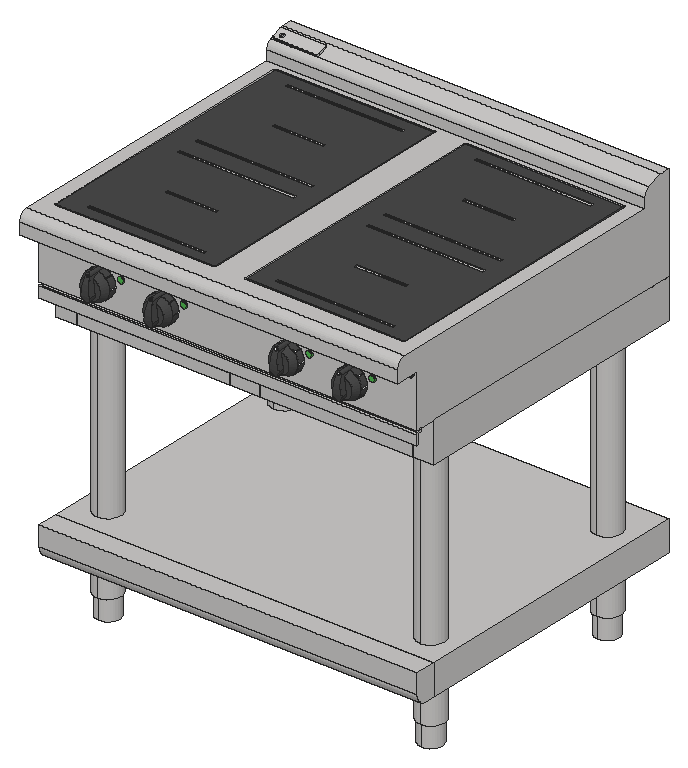
Revit family "QF_Moffat_INL8400R5-LS_Induction Cooktop_cat", category Specialty Equipment, Revit 2019
Family settings
  Round Connector Dimension = Use Diameter
  Part Type = Normal
  Work Plane-Based = No
  Always vertical = Yes
  Cut with Voids When Loaded = No
  Shared = No
  Room Calculation Point = No
Parameters (values of type "INL8400R5-LS_415/60/3")
  Weight in Kilograms = 105
  Watts = 20000 W
  Volts = 415 V
  URL Cutsheet = ""
  Specification by User = ""
  Specification by Manufacturer = ""
  Show Logo [instance] = yes
  Serial Number = ""
  Seismic Rating = ""
  SMACNA No = ""
  Revision Code = ""
  Phase = 3
  Number of Poles = 1
  NAFEM Spec ID Number = ""
  Model = "INL8400R5-LS"
  Min Ckt Ampacity = 0 A
  Max Overcurrent Protection = 0 A
  Masterspec = ""
  Manufacturer = "Moffat"
  Length = 900 mm
  Item Number = ""
  Installed By = ""
  Identify Quantity as Lot = yes
  Height = 970 mm
  HP = ""
  Furnished By = ""
  Foodservice Equipment Identifier = yes
  FL Amps = 28 A
  Electrical Remarks = ""
  Electric Connection Type = ""
  Elec Conn RI Height = 0 mm
  Elec Conn Connection Height = 0 mm
  Description = "Induction Cooktop"
  Depth = 805 mm
  Cycle = 60 Hz
  Conn Plug = ""
  Conn Conduit = yes
  CSI MasterFormat = ""
  Apparent Power = if(Phase = 3, Volts * FL Amps * 1.73, Volts * FL Amps)  # 20102.6 VA
Reference planes
  plane 1 "BACK": y = 0
  plane 2: z = 0
  plane 3 "LEFT": x = 0
  plane 4 "RIGHT": x = 900
  plane 5 "FRONT": y = -805
  plane 6 "TOP": z = 970
  plane 7 "Center Y": x = 450
  plane 8 "Center X": y = -402.5
  plane 9: x = 65.5
  plane 10: x = 834.5
  plane 11: y = -30
  plane 12: z = 150
  plane 13: y = -100
  plane 14: y = -625
  plane 15: y = -70
  plane 16: z = 915
  plane 17: x = 770
Forms (mm)
  Extrusion 1, solid, material "QF_Metal_Stainless_Polished"
    sketch origin (0, 0, 560) x (0, 1, 0) y (0, 0, 1)
      loop
        line (0, 180) -> (0, 410) -> (-24.305, 410) -> (-57.632, 395.853)
        arc (-57.632, 395.853) -> (-66.628, 388.372) -> (-70, 377.167) r 20.3
        line (-70, 377.167) -> (-70, 355) -> (-784.417, 355)
        arc (-784.417, 355) -> (-798.971, 348.971) -> (-805, 334.417) r 20.583
        line (-805, 334.417) -> (-805, 305) -> (-749, 305) -> (-749, 180) -> (0, 180)
    from 0 to 900
  Extrusion 2, void
    sketch origin (0, -784.171, 915) x (0, 1, 0) y (-1, 0, 0)
      loop
        arc (699.341, -37.323) -> (697.584, -33.08) -> (693.341, -31.323) r 6
        line (693.341, -31.323) -> (45.245, -31.323)
        arc (45.245, -31.323) -> (41.002, -33.08) -> (39.245, -37.323) r 6
        line (39.245, -37.323) -> (39.245, -410.105)
        arc (39.245, -410.105) -> (41.002, -414.347) -> (45.245, -416.105) r 6
        line (45.245, -416.105) -> (693.341, -416.105)
        arc (693.341, -416.105) -> (697.584, -414.347) -> (699.341, -410.105) r 6
        line (699.341, -410.105) -> (699.341, -37.323)
      loop
        line (699.341, -862.677) -> (699.341, -489.895)
        arc (699.341, -489.895) -> (697.584, -485.653) -> (693.341, -483.895) r 6
        line (693.341, -483.895) -> (45.245, -483.895)
        arc (45.245, -483.895) -> (41.002, -485.653) -> (39.245, -489.895) r 6
        line (39.245, -489.895) -> (39.245, -862.677)
        arc (39.245, -862.677) -> (41.002, -866.92) -> (45.245, -868.677) r 6
        line (45.245, -868.677) -> (693.341, -868.677)
        arc (693.341, -868.677) -> (697.584, -866.92) -> (699.341, -862.677) r 6
    from 0 to -9.5
  Extrusion 3, solid, material "QF_Plastic_Black_Smooth"
    sketch origin (0, -784.171, 915) x (0, 1, 0) y (-1, 0, 0)
      loop
        line (695.341, -410.105) -> (695.341, -37.323)
        arc (695.341, -37.323) -> (694.755, -35.908) -> (693.341, -35.323) r 2
        line (693.341, -35.323) -> (45.245, -35.323)
        arc (45.245, -35.323) -> (43.831, -35.908) -> (43.245, -37.323) r 2
        line (43.245, -37.323) -> (43.245, -410.105)
        arc (43.245, -410.105) -> (43.831, -411.519) -> (45.245, -412.105) r 2
        line (45.245, -412.105) -> (693.341, -412.105)
        arc (693.341, -412.105) -> (694.755, -411.519) -> (695.341, -410.105) r 2
      loop
        line (667.194, -86.598) -> (661.194, -86.598) -> (661.194, -363.75) -> (667.194, -363.75) -> (667.194, -86.598)
      loop
        line (526.611, -163.924) -> (526.611, -283.924) -> (532.611, -283.924) -> (532.611, -163.924) -> (526.611, -163.924)
      loop
        line (398.444, -86.598) -> (392.444, -86.598) -> (392.444, -363.75) -> (398.444, -363.75) -> (398.444, -86.598)
      loop
        line (345.944, -86.598) -> (339.944, -86.598) -> (339.944, -363.75) -> (345.944, -363.75) -> (345.944, -86.598)
      loop
        line (206.611, -163.924) -> (206.611, -283.924) -> (212.611, -283.924) -> (212.611, -163.924) -> (206.611, -163.924)
      loop
        line (77.194, -86.598) -> (71.194, -86.598) -> (71.194, -363.75) -> (77.194, -363.75) -> (77.194, -86.598)
      loop
        arc (695.341, -489.895) -> (694.755, -488.481) -> (693.341, -487.895) r 2
        line (693.341, -487.895) -> (45.245, -487.895)
        arc (45.245, -487.895) -> (43.831, -488.481) -> (43.245, -489.895) r 2
        line (43.245, -489.895) -> (43.245, -862.677)
        arc (43.245, -862.677) -> (43.831, -864.092) -> (45.245, -864.677) r 2
        line (45.245, -864.677) -> (693.341, -864.677)
        arc (693.341, -864.677) -> (694.755, -864.092) -> (695.341, -862.677) r 2
        line (695.341, -862.677) -> (695.341, -489.895)
      loop
        line (667.194, -813.402) -> (667.194, -536.25) -> (661.194, -536.25) -> (661.194, -813.402) -> (667.194, -813.402)
      loop
        line (526.611, -736.076) -> (532.611, -736.076) -> (532.611, -616.076) -> (526.611, -616.076) -> (526.611, -736.076)
      loop
        line (398.444, -813.402) -> (398.444, -536.25) -> (392.444, -536.25) -> (392.444, -813.402) -> (398.444, -813.402)
      loop
        line (345.944, -813.402) -> (345.944, -536.25) -> (339.944, -536.25) -> (339.944, -813.402) -> (345.944, -813.402)
      loop
        line (206.611, -736.076) -> (212.611, -736.076) -> (212.611, -616.076) -> (206.611, -616.076) -> (206.611, -736.076)
      loop
        line (77.194, -813.402) -> (77.194, -536.25) -> (71.194, -536.25) -> (71.194, -813.402) -> (77.194, -813.402)
    from 0 to -9.5
  Extrusion 4, solid, material "QF_Metal_Stainless_Polished"
    sketch origin (0, 0, 600) x (0, 1, 0) y (0, 0, 1)
      loop
        line (-739.467, 140) -> (-738.192, 134.838)
        arc (-738.192, 134.838) -> (-738.307, 134.302) -> (-738.799, 134.063) r 0.625
        line (-738.799, 134.063) -> (-746.111, 134.063)
        arc (-746.111, 134.063) -> (-748.011, 133.276) -> (-748.797, 131.377) r 2.686
        line (-748.797, 131.377) -> (-748.797, 107.627) -> (-747.197, 107.627) -> (-747.197, 131.242)
        arc (-747.197, 131.242) -> (-746.84, 132.105) -> (-745.976, 132.463) r 1.221
        line (-745.976, 132.463) -> (-738.755, 132.463)
        arc (-738.755, 132.463) -> (-737.028, 133.304) -> (-736.625, 135.182) r 2.194
        line (-736.625, 135.182) -> (-737.815, 140) -> (-739.467, 140)
    from 0 to 900
  Extrusion 5, solid, material "QF_Plastic_Black_Smooth"
    sketch origin (0, -749, 741.875) x (0, 0, 1) y (-1, 0, 0)
      loop
        circle (112.843, -13.157) r 5
      loop
        circle (112.843, -886.843) r 5
    from 0 to 1.6
  Extrusion 6, solid, material "QF_Metal_Stainless_Polished"
    sketch origin (450, -699, 645) x (0, 1, 0) y (1, 0, 0)
      loop
        circle (669, 320) r 6.35
    from 0 to 10
  Extrusion 7, solid, material "QF_Metal_Stainless_Polished"
    sketch origin (0, -699, 645) x (1, 0, 0) y (0, -1, 0)
      loop
        line (0, -699) -> (900, -699) -> (900, 0) -> (849.2, 0) -> (849.2, -25.4) -> (485.8, -25.4) -> (485.8, 0) -> (414.2, 0) -> (414.2, -25.4) -> (50.8, -25.4) -> (50.8, 0) -> (0, 0) -> (0, -699)
    from 0 to -95
  Extrusion 8, solid, material "QF_Metal_Stainless_Polished"
    sketch origin (50.8, -30, 645) x (0, 1, 0) y (0, 0, 1)
      loop
        line (-669, 0) -> (-643.6, 0) -> (-643.6, 26.45) -> (-669, 26.45) -> (-669, 0)
      loop
        line (-669, 32.45) -> (-643.6, 32.45) -> (-643.6, 66.4) -> (-669, 66.4) -> (-669, 32.45)
      loop
        line (-669, 67.4) -> (-643.6, 67.4) -> (-643.6, 95) -> (-669, 95) -> (-669, 67.4)
    from 0 to 363.4
  Extrusion 9, solid, material "QF_Metal_Stainless_Polished"
    sketch origin (900, 0, 560) x (-1, 0, 0) y (0, -1, 0)
      loop
        line (536.25, 122.976) -> (536.25, 116.976) -> (813.402, 116.976) -> (813.402, 122.976) -> (536.25, 122.976)
      loop
        line (736.076, 251.56) -> (736.076, 257.56) -> (616.076, 257.56) -> (616.076, 251.56) -> (736.076, 251.56)
      loop
        line (813.402, 385.726) -> (813.402, 391.726) -> (536.25, 391.726) -> (536.25, 385.726) -> (813.402, 385.726)
      loop
        line (813.402, 438.226) -> (813.402, 444.226) -> (536.25, 444.226) -> (536.25, 438.226) -> (813.402, 438.226)
      loop
        line (736.076, 571.56) -> (736.076, 577.56) -> (616.076, 577.56) -> (616.076, 571.56) -> (736.076, 571.56)
      loop
        line (536.25, 712.976) -> (536.25, 706.976) -> (813.402, 706.976) -> (813.402, 712.976) -> (536.25, 712.976)
      loop
        line (363.75, 122.976) -> (86.598, 122.976) -> (86.598, 116.976) -> (363.75, 116.976) -> (363.75, 122.976)
      loop
        line (163.924, 251.56) -> (283.924, 251.56) -> (283.924, 257.56) -> (163.924, 257.56) -> (163.924, 251.56)
      loop
        line (86.598, 385.726) -> (363.75, 385.726) -> (363.75, 391.726) -> (86.598, 391.726) -> (86.598, 385.726)
      loop
        line (86.598, 438.226) -> (363.75, 438.226) -> (363.75, 444.226) -> (86.598, 444.226) -> (86.598, 438.226)
      loop
        line (163.924, 571.56) -> (283.924, 571.56) -> (283.924, 577.56) -> (163.924, 577.56) -> (163.924, 571.56)
      loop
        line (363.75, 712.976) -> (86.598, 712.976) -> (86.598, 706.976) -> (363.75, 706.976) -> (363.75, 712.976)
    from 355 to 345.5
  Extrusion 10, solid, material "QF_Paint_Green"
    sketch origin (63.231, -748.999, 713.75) x (0, 0, 1) y (-1, 0, 0)
      loop
        circle (100.3, -282.5) r 7.15
    from 0 to 1.6
  Extrusion 11, solid, material "QF_Plastic_Black_Smooth"
    sketch origin (75, -748.999, 725.625) x (0, 0, 1) y (-1, 0, 0)
      loop
        circle (112.843, -225) r 5
    from 0 to 1.6
  Extrusion 12, solid, material "QF_Paint_Green"
    sketch origin (-86.769, -748.999, 713.75) x (0, 0, 1) y (-1, 0, 0)
      loop
        circle (100.3, -282.5) r 7.15
    from 0 to 1.6
  Extrusion 13, solid, material "QF_Plastic_Black_Smooth"
    sketch origin (-75, -748.999, 725.625) x (0, 0, 1) y (-1, 0, 0)
      loop
        circle (112.843, -225) r 5
    from 0 to 1.6
  Extrusion 14, solid, material "QF_Paint_Green"
    sketch origin (511.981, -748.999, 713.75) x (0, 0, 1) y (-1, 0, 0)
      loop
        circle (100.3, -282.5) r 7.15
    from 0 to 1.6
  Extrusion 15, solid, material "QF_Plastic_Black_Smooth"
    sketch origin (523.75, -748.999, 725.625) x (0, 0, 1) y (-1, 0, 0)
      loop
        circle (112.843, -225) r 5
    from 0 to 1.6
  Extrusion 16, solid, material "QF_Paint_Green"
    sketch origin (361.981, -748.999, 713.75) x (0, 0, 1) y (-1, 0, 0)
      loop
        circle (100.3, -282.5) r 7.15
    from 0 to 1.6
  Extrusion 17, solid, material "QF_Plastic_Black_Smooth"
    sketch origin (373.75, -748.999, 725.625) x (0, 0, 1) y (-1, 0, 0)
      loop
        circle (112.843, -225) r 5
    from 0 to 1.6
  Extrusion 18, solid, material "QF_Metal_Stainless_Polished"
    sketch origin (849.2, -30, 645) x (0, 1, 0) y (0, 0, -1)
      loop
        line (-669, 0) -> (-669, -26.45) -> (-643.6, -26.45) -> (-643.6, 0) -> (-669, 0)
      loop
        line (-669, -32.45) -> (-669, -66.4) -> (-643.6, -66.4) -> (-643.6, -32.45) -> (-669, -32.45)
      loop
        line (-669, -67.4) -> (-669, -95) -> (-643.6, -95) -> (-643.6, -67.4) -> (-669, -67.4)
    from 0 to 363.4
Cuts and joins
  Extrusion 2 cuts Extrusion 1
Lines and regions (mm)
  symbolic lines
    curve 1: line (0, 0, 0) -> (900, 0, 0)
    curve 2: line (0, -805, 0) -> (0, 0, 0)
    curve 3: line (900, -805, 0) -> (0, -805, 0)
    curve 4: line (900, 0, 0) -> (900, -805, 0)
    curve 5: line (0, -18.182, 0) -> (900, -18.182, 0)
    curve 6: line (0, -70, 0) -> (450, -70, 0)
    curve 7: line (37.323, -84.83, 0) -> (410.105, -84.83, 0)
    curve 8: arc (410.105, -84.83, 0) -> (414.347, -86.587, 0) -> (416.105, -90.83, 0) r 6
    curve 9: line (416.105, -90.83, 0) -> (416.105, -738.926, 0)
    curve 10: arc (416.105, -738.926, 0) -> (414.347, -743.168, 0) -> (410.105, -744.926, 0) r 6
    curve 11: line (410.105, -744.926, 0) -> (37.323, -744.926, 0)
    curve 12: arc (37.323, -744.926, 0) -> (33.08, -743.168, 0) -> (31.323, -738.926, 0) r 6
    curve 13: line (31.323, -738.926, 0) -> (31.323, -90.83, 0)
    curve 14: arc (31.323, -90.83, 0) -> (33.08, -86.587, 0) -> (37.323, -84.83, 0) r 6
    curve 15: line (410.105, -88.83, 0) -> (37.323, -88.83, 0)
    curve 16: arc (37.323, -88.83, 0) -> (35.908, -89.415, 0) -> (35.323, -90.83, 0) r 2
    curve 17: line (35.323, -90.83, 0) -> (35.323, -738.926, 0)
    curve 18: arc (35.323, -738.926, 0) -> (35.908, -740.34, 0) -> (37.323, -740.926, 0) r 2
    curve 19: line (37.323, -740.926, 0) -> (410.105, -740.926, 0)
    curve 20: arc (410.105, -740.926, 0) -> (411.519, -740.34, 0) -> (412.105, -738.926, 0) r 2
    curve 21: line (412.105, -738.926, 0) -> (412.105, -90.83, 0)
    curve 22: arc (412.105, -90.83, 0) -> (411.519, -89.415, 0) -> (410.105, -88.83, 0) r 2
    curve 23: line (416.105, -738.926, 0) -> (416.105, -90.83, 0)
    curve 24: line (412.105, -90.83, 0) -> (412.105, -738.926, 0)
    curve 25: line (862.677, -84.83, 0) -> (489.895, -84.83, 0)
    curve 26: arc (489.895, -84.83, 0) -> (485.653, -86.587, 0) -> (483.895, -90.83, 0) r 6
    curve 27: arc (483.895, -738.926, 0) -> (485.653, -743.168, 0) -> (489.895, -744.926, 0) r 6
    curve 28: line (489.895, -744.926, 0) -> (862.677, -744.926, 0)
    curve 29: arc (862.677, -744.926, 0) -> (866.92, -743.168, 0) -> (868.677, -738.926, 0) r 6
    curve 30: line (868.677, -738.926, 0) -> (868.677, -90.83, 0)
    curve 31: arc (868.677, -90.83, 0) -> (866.92, -86.587, 0) -> (862.677, -84.83, 0) r 6
    curve 32: line (489.895, -88.83, 0) -> (862.677, -88.83, 0)
    curve 33: arc (862.677, -88.83, 0) -> (864.092, -89.415, 0) -> (864.677, -90.83, 0) r 2
    curve 34: line (864.677, -90.83, 0) -> (864.677, -738.926, 0)
    curve 35: arc (864.677, -738.926, 0) -> (864.092, -740.34, 0) -> (862.677, -740.926, 0) r 2
    curve 36: line (862.677, -740.926, 0) -> (489.895, -740.926, 0)
    curve 37: arc (489.895, -740.926, 0) -> (488.481, -740.34, 0) -> (487.895, -738.926, 0) r 2
    curve 38: arc (487.895, -90.83, 0) -> (488.481, -89.415, 0) -> (489.895, -88.83, 0) r 2
    curve 39: line (487.895, -90.83, 0) -> (487.895, -738.926, 0)
    curve 40: arc (487.895, -738.926, 0) -> (488.481, -740.34, 0) -> (489.895, -740.926, 0) r 2
    curve 41: line (489.895, -740.926, 0) -> (862.677, -740.926, 0)
    curve 42: arc (862.677, -740.926, 0) -> (864.092, -740.34, 0) -> (864.677, -738.926, 0) r 2
    curve 43: line (864.677, -738.926, 0) -> (864.677, -90.83, 0)
    curve 44: arc (864.677, -90.83, 0) -> (864.092, -89.415, 0) -> (862.677, -88.83, 0) r 2
    curve 45: line (862.677, -88.83, 0) -> (489.895, -88.83, 0)
    curve 46: arc (489.895, -88.83, 0) -> (488.481, -89.415, 0) -> (487.895, -90.83, 0) r 2
    curve 47: line (483.895, -90.83, 0) -> (483.895, -738.926, 0)
    curve 48: arc (483.895, -738.926, 0) -> (485.653, -743.168, 0) -> (489.895, -744.926, 0) r 6
    curve 49: line (489.895, -744.926, 0) -> (862.677, -744.926, 0)
    curve 50: arc (862.677, -744.926, 0) -> (866.92, -743.168, 0) -> (868.677, -738.926, 0) r 6
    curve 51: line (868.677, -738.926, 0) -> (868.677, -90.83, 0)
    curve 52: arc (868.677, -90.83, 0) -> (866.92, -86.587, 0) -> (862.677, -84.83, 0) r 6
    curve 53: line (862.677, -84.83, 0) -> (489.895, -84.83, 0)
    curve 54: arc (489.895, -84.83, 0) -> (485.653, -86.587, 0) -> (483.895, -90.83, 0) r 6
    curve 55: line (86.598, -122.976, 0) -> (363.75, -122.976, 0)
    curve 56: line (363.75, -122.976, 0) -> (363.75, -116.976, 0)
    curve 57: line (363.75, -116.976, 0) -> (86.598, -116.976, 0)
    curve 58: line (86.598, -116.976, 0) -> (86.598, -122.976, 0)
    curve 59: line (283.924, -251.56, 0) -> (163.924, -251.56, 0)
    curve 60: line (163.924, -251.56, 0) -> (163.924, -257.56, 0)
    curve 61: line (163.924, -257.56, 0) -> (283.924, -257.56, 0)
    curve 62: line (283.924, -257.56, 0) -> (283.924, -251.56, 0)
    curve 63: line (536.25, -122.976, 0) -> (813.402, -122.976, 0)
    curve 64: line (813.402, -122.976, 0) -> (813.402, -116.976, 0)
    curve 65: line (813.402, -116.976, 0) -> (536.25, -116.976, 0)
    curve 66: line (536.25, -116.976, 0) -> (536.25, -122.976, 0)
    curve 67: line (736.076, -251.56, 0) -> (616.076, -251.56, 0)
    curve 68: line (616.076, -251.56, 0) -> (616.076, -257.56, 0)
    curve 69: line (616.076, -257.56, 0) -> (736.076, -257.56, 0)
    curve 70: line (736.076, -257.56, 0) -> (736.076, -251.56, 0)
    curve 71: line (736.076, -571.56, 0) -> (616.076, -571.56, 0)
    curve 72: line (616.076, -571.56, 0) -> (616.076, -577.56, 0)
    curve 73: line (616.076, -577.56, 0) -> (736.076, -577.56, 0)
    curve 74: line (736.076, -577.56, 0) -> (736.076, -571.56, 0)
    curve 75: line (813.402, -706.976, 0) -> (536.25, -706.976, 0)
    curve 76: line (536.25, -706.976, 0) -> (536.25, -712.976, 0)
    curve 77: line (536.25, -712.976, 0) -> (813.402, -712.976, 0)
    curve 78: line (813.402, -712.976, 0) -> (813.402, -706.976, 0)
    curve 79: line (86.598, -712.976, 0) -> (363.75, -712.976, 0)
    curve 80: line (363.75, -712.976, 0) -> (363.75, -706.976, 0)
    curve 81: line (363.75, -706.976, 0) -> (86.598, -706.976, 0)
    curve 82: line (86.598, -706.976, 0) -> (86.598, -712.976, 0)
    curve 83: line (283.924, -577.56, 0) -> (163.924, -577.56, 0)
    curve 84: line (163.924, -577.56, 0) -> (163.924, -571.56, 0)
    curve 85: line (163.924, -571.56, 0) -> (283.924, -571.56, 0)
    curve 86: line (283.924, -571.56, 0) -> (283.924, -577.56, 0)
    curve 87: line (86.598, -444.226, 0) -> (363.75, -444.226, 0)
    curve 88: line (363.75, -444.226, 0) -> (363.75, -438.226, 0)
    curve 89: line (363.75, -438.226, 0) -> (86.598, -438.226, 0)
    curve 90: line (86.598, -438.226, 0) -> (86.598, -444.226, 0)
    curve 91: line (86.598, -391.726, 0) -> (363.75, -391.726, 0)
    curve 92: line (363.75, -391.726, 0) -> (363.75, -385.726, 0)
    curve 93: line (363.75, -385.726, 0) -> (86.598, -385.726, 0)
    curve 94: line (86.598, -385.726, 0) -> (86.598, -391.726, 0)
    curve 95: line (0, 0, 560) -> (900, 0, 560)
    curve 96: line (0, -805, 560) -> (0, 0, 560)
    curve 97: line (900, -805, 560) -> (0, -805, 560)
    curve 98: line (900, 0, 560) -> (900, -805, 560)
    curve 99: line (0, -18.182, 560) -> (900, -18.182, 560)
    curve 100: line (0, -70, 560) -> (450, -70, 560)
    curve 101: line (416.105, -90.83, 560) -> (416.105, -738.926, 560)
    curve 102: line (412.105, -738.926, 560) -> (412.105, -90.83, 560)
    curve 103: line (416.105, -738.926, 560) -> (416.105, -90.83, 560)
    curve 104: line (412.105, -90.83, 560) -> (412.105, -738.926, 560)
    curve 105: line (862.677, -84.83, 560) -> (489.895, -84.83, 560)
    curve 106: arc (483.895, -738.926, 560) -> (485.653, -743.168, 560) -> (489.895, -744.926, 560) r 6
    curve 107: line (489.895, -744.926, 560) -> (862.677, -744.926, 560)
    curve 108: arc (862.677, -744.926, 560) -> (866.92, -743.168, 560) -> (868.677, -738.926, 560) r 6
    curve 109: arc (864.677, -738.926, 560) -> (864.092, -740.34, 560) -> (862.677, -740.926, 560) r 2
    curve 110: line (862.677, -740.926, 560) -> (489.895, -740.926, 560)
    curve 111: arc (489.895, -740.926, 560) -> (488.481, -740.34, 560) -> (487.895, -738.926, 560) r 2
    curve 112: arc (487.895, -738.926, 560) -> (488.481, -740.34, 560) -> (489.895, -740.926, 560) r 2
    curve 113: line (489.895, -740.926, 560) -> (862.677, -740.926, 560)
    curve 114: arc (862.677, -740.926, 560) -> (864.092, -740.34, 560) -> (864.677, -738.926, 560) r 2
    curve 115: arc (483.895, -738.926, 560) -> (485.653, -743.168, 560) -> (489.895, -744.926, 560) r 6
    curve 116: line (489.895, -744.926, 560) -> (862.677, -744.926, 560)
    curve 117: arc (862.677, -744.926, 560) -> (866.92, -743.168, 560) -> (868.677, -738.926, 560) r 6
    curve 118: line (86.598, -122.976, 560) -> (363.75, -122.976, 560)
    curve 119: line (363.75, -122.976, 560) -> (363.75, -116.976, 560)
    curve 120: line (363.75, -116.976, 560) -> (86.598, -116.976, 560)
    curve 121: line (86.598, -116.976, 560) -> (86.598, -122.976, 560)
    curve 122: line (283.924, -251.56, 560) -> (163.924, -251.56, 560)
    curve 123: line (163.924, -251.56, 560) -> (163.924, -257.56, 560)
    curve 124: line (163.924, -257.56, 560) -> (283.924, -257.56, 560)
    curve 125: line (283.924, -257.56, 560) -> (283.924, -251.56, 560)
    curve 126: line (536.25, -122.976, 560) -> (813.402, -122.976, 560)
    curve 127: line (813.402, -122.976, 560) -> (813.402, -116.976, 560)
    curve 128: line (813.402, -116.976, 560) -> (536.25, -116.976, 560)
    curve 129: line (536.25, -116.976, 560) -> (536.25, -122.976, 560)
    curve 130: line (736.076, -251.56, 560) -> (616.076, -251.56, 560)
    curve 131: line (616.076, -251.56, 560) -> (616.076, -257.56, 560)
    curve 132: line (616.076, -257.56, 560) -> (736.076, -257.56, 560)
    curve 133: line (736.076, -257.56, 560) -> (736.076, -251.56, 560)
    curve 134: line (736.076, -571.56, 560) -> (616.076, -571.56, 560)
    curve 135: line (616.076, -571.56, 560) -> (616.076, -577.56, 560)
    curve 136: line (616.076, -577.56, 560) -> (736.076, -577.56, 560)
    curve 137: line (736.076, -577.56, 560) -> (736.076, -571.56, 560)
    curve 138: line (813.402, -706.976, 560) -> (536.25, -706.976, 560)
    curve 139: line (536.25, -706.976, 560) -> (536.25, -712.976, 560)
    curve 140: line (536.25, -712.976, 560) -> (813.402, -712.976, 560)
    curve 141: line (813.402, -712.976, 560) -> (813.402, -706.976, 560)
    curve 142: line (86.598, -712.976, 560) -> (363.75, -712.976, 560)
    curve 143: line (363.75, -712.976, 560) -> (363.75, -706.976, 560)
    curve 144: line (363.75, -706.976, 560) -> (86.598, -706.976, 560)
    curve 145: line (86.598, -706.976, 560) -> (86.598, -712.976, 560)
    curve 146: line (283.924, -577.56, 560) -> (163.924, -577.56, 560)
    curve 147: line (163.924, -577.56, 560) -> (163.924, -571.56, 560)
    curve 148: line (163.924, -571.56, 560) -> (283.924, -571.56, 560)
    curve 149: line (283.924, -571.56, 560) -> (283.924, -577.56, 560)
    curve 150: line (86.598, -444.226, 560) -> (363.75, -444.226, 560)
    curve 151: line (363.75, -444.226, 560) -> (363.75, -438.226, 560)
    curve 152: line (363.75, -438.226, 560) -> (86.598, -438.226, 560)
    curve 153: line (86.598, -438.226, 560) -> (86.598, -444.226, 560)
    curve 154: line (86.598, -391.726, 560) -> (363.75, -391.726, 560)
    curve 155: line (363.75, -391.726, 560) -> (363.75, -385.726, 560)
    curve 156: line (363.75, -385.726, 560) -> (86.598, -385.726, 560)
    curve 157: line (86.598, -385.726, 560) -> (86.598, -391.726, 560)
    curve 158: line (536.25, -444.226, 560) -> (813.402, -444.226, 560)
    curve 159: line (813.402, -444.226, 560) -> (813.402, -438.226, 560)
    curve 160: line (813.402, -438.226, 560) -> (536.25, -438.226, 560)
    curve 161: line (536.25, -438.226, 560) -> (536.25, -444.226, 560)
    curve 162: line (536.25, -391.726, 560) -> (813.402, -391.726, 560)
    curve 163: line (813.402, -391.726, 560) -> (813.402, -385.726, 560)
    curve 164: line (813.402, -385.726, 560) -> (536.25, -385.726, 560)
    curve 165: line (536.25, -385.726, 560) -> (536.25, -391.726, 560)
Dimensions and locks
  equal spacing: plane 3 "LEFT", plane 7 "Center Y", plane 4 "RIGHT"
  "Length": plane 3 "LEFT" to plane 4 "RIGHT"
  equal spacing: plane 5 "FRONT", plane 8 "Center X", plane 1 "BACK"
  "Depth": plane 5 "FRONT" to plane 1 "BACK"
  "Height": plane 6 "TOP" to level
  plane 9 to plane 10 = 769 mm
  plane 4 "RIGHT" to plane 3 "LEFT" = 900 mm
  plane 6 "TOP" to plane 2 = 970 mm
  plane 1 "BACK" to plane 11 = 30 mm
  plane 1 "BACK" to plane 13 to plane 14 = 100 mm, 525 mm
  plane 1 "BACK" to plane 15 = 70 mm
  plane 16 to level = 915 mm  (x2)
  level to plane 12 = 150 mm
  plane 12 to level = 150 mm
  plane 4 "RIGHT" to plane 17 = 130 mm
  plane 1 "BACK" to plane 5 "FRONT" = 805 mm
  locked: plane 10 to plane 4 "RIGHT" at 65.5
  aligned and locked: level to plane 2
  aligned and locked: plane 7 "Center Y" to nested 1
  aligned and locked: plane 8 "Center X" to nested 1
  aligned and locked: Extrusion 18 to Extrusion 7  (x2)
Automatic sketch dimensions
  Extrusion 2 sketch curve to Extrusion 1 = 39.492 mm  (x2)
  Extrusion 2 sketch curve to Extrusion 2 sketch curve = 6 mm  (x6)
  Extrusion 1 to Extrusion 2 sketch curve = 20.83 mm  (x4)
  Extrusion 1 to Extrusion 2 sketch curve = 31.323 mm
  Extrusion 2 sketch curve to Extrusion 2 sketch curve = 372.782 mm
  Extrusion 2 sketch curve to Extrusion 2 sketch curve = 67.791 mm
  Extrusion 1 to Extrusion 2 sketch curve = 37.323 mm
  Extrusion 4 sketch curve to plane 5 "FRONT" = 56.203 mm
  Extrusion 4 sketch curve to Extrusion 4 sketch curve = 1.6 mm
  Extrusion 4 sketch curve to Extrusion 4 sketch curve = 1.086 mm
  Extrusion 4 sketch curve to Extrusion 4 sketch curve = 0.135 mm  (x2)
  Extrusion 4 sketch curve to Extrusion 4 sketch curve = 6.644 mm
  Extrusion 4 sketch curve to Extrusion 4 sketch curve = 0.668 mm
  Extrusion 4 sketch curve to Extrusion 4 sketch curve = 0.044 mm
  Extrusion 4 sketch curve to Extrusion 4 sketch curve = 0.563 mm
  Extrusion 4 sketch curve to Extrusion 4 sketch curve = 1.652 mm
  Extrusion 4 sketch curve to Extrusion 4 sketch curve = 1.567 mm
  Extrusion 4 sketch curve to plane 16 = 207.373 mm
  Extrusion 4 sketch curve to Extrusion 4 sketch curve = 23.614 mm
  Extrusion 4 sketch curve to Extrusion 4 sketch curve = 0.594 mm
  Extrusion 4 sketch curve to Extrusion 4 sketch curve = 0.032 mm
  Extrusion 4 sketch curve to Extrusion 4 sketch curve = 5.162 mm
  Extrusion 1 to Extrusion 5 sketch curve = 10.282 mm  (x2)
  Extrusion 1 to Extrusion 5 sketch curve = 13.157 mm  (x2)
  Extrusion 12 sketch curve to plane 16 = 100.95 mm
  Extrusion 12 sketch curve to plane 9 = 130.231 mm
  Extrusion 13 sketch curve to plane 16 = 76.532 mm
  Extrusion 13 sketch curve to plane 9 = 84.5 mm
  plane 17 to Extrusion 14 sketch curve = 24.481 mm
  Extrusion 14 sketch curve to plane 16 = 100.95 mm
  Extrusion 15 sketch curve to plane 17 = 21.25 mm
  Extrusion 15 sketch curve to plane 16 = 76.532 mm
  Extrusion 16 sketch curve to plane 16 = 100.95 mm
  Extrusion 16 sketch curve to plane 17 = 125.519 mm
  plane 14 to Extrusion 18 sketch curve = 74 mm
  Extrusion 18 sketch curve to Extrusion 18 sketch curve = 0 mm  (x4)
  Extrusion 18 sketch curve to Extrusion 18 sketch curve = 25.4 mm
  Extrusion 18 sketch curve to plane 16 = 175 mm
  Extrusion 18 sketch curve to Extrusion 18 sketch curve = 27.6 mm
  Extrusion 18 sketch curve to Extrusion 18 sketch curve = 1 mm
  Extrusion 18 sketch curve to Extrusion 18 sketch curve = 33.95 mm
  Extrusion 18 sketch curve to Extrusion 18 sketch curve = 6 mm
  Extrusion 18 sketch curve to Extrusion 18 sketch curve = 26.45 mm
  Extrusion 3 sketch curve to Extrusion 1 = 43.492 mm  (x2)
  Extrusion 3 sketch curve to Extrusion 3 sketch curve = 2 mm  (x6)
  Extrusion 3 sketch curve to Extrusion 3 sketch curve = 25.949 mm  (x2)
  Extrusion 3 sketch curve to Extrusion 3 sketch curve = 6 mm  (x12)
  Extrusion 3 sketch curve to Extrusion 3 sketch curve = 129.416 mm  (x2)
  Extrusion 3 sketch curve to Extrusion 3 sketch curve = 127.334 mm  (x2)
  Extrusion 3 sketch curve to Extrusion 3 sketch curve = 46.5 mm  (x2)
  Extrusion 3 sketch curve to Extrusion 3 sketch curve = 128.166 mm  (x2)
  Extrusion 1 to Extrusion 3 sketch curve = 52.976 mm  (x2)
  Extrusion 1 to Extrusion 3 sketch curve = 20.83 mm  (x4)
  Extrusion 1 to Extrusion 3 sketch curve = 35.323 mm
  Extrusion 3 sketch curve to Extrusion 3 sketch curve = 49.275 mm  (x2)
  Extrusion 1 to Extrusion 3 sketch curve = 86.598 mm  (x4)
  Extrusion 3 sketch curve to Extrusion 3 sketch curve = 0 mm  (x4)
  Extrusion 3 sketch curve to Extrusion 3 sketch curve = 77.326 mm  (x2)
  Extrusion 3 sketch curve to Extrusion 3 sketch curve = 120 mm  (x4)
  Extrusion 3 sketch curve to Extrusion 3 sketch curve = 79.826 mm  (x5)
  Extrusion 3 sketch curve to Extrusion 3 sketch curve = 46.355 mm  (x3)
  Extrusion 3 sketch curve to Extrusion 3 sketch curve = 75.791 mm
  Extrusion 3 sketch curve to Extrusion 3 sketch curve = 172.5 mm
  Extrusion 1 to Extrusion 3 sketch curve = 37.323 mm
  Extrusion 1 sketch curve to plane 5 "FRONT" = 0 mm
  Extrusion 1 sketch curve to plane 16 = 0 mm
  Extrusion 1 sketch curve to plane 15 = 0 mm
  Extrusion 1 sketch curve to plane 6 "TOP" = 0 mm
  Extrusion 1 sketch curve to plane 1 "BACK" = 0 mm
  Extrusion 1 sketch curve to Extrusion 1 sketch curve = 20.583 mm
  Extrusion 1 sketch curve to Extrusion 1 sketch curve = 35.417 mm
  Extrusion 1 sketch curve to plane 15 = 12.368 mm
  plane 11 to Extrusion 1 sketch curve = 19.7 mm
  Extrusion 1 sketch curve to plane 11 = 5.695 mm
  Extrusion 1 sketch curve to Extrusion 1 sketch curve = 29.417 mm
  Extrusion 1 sketch curve to plane 16 = 175 mm
  plane 16 to Extrusion 1 sketch curve = 22.167 mm
  curve 8 to curve 22 = 0 mm  (x2)
  curve 10 to curve 20 = 0 mm  (x2)
  curve 12 to curve 18 = 0 mm  (x2)
  curve 14 to curve 16 = 0 mm  (x2)
  curve 26 to curve 38 = 0 mm  (x2)
  curve 26 to curve 46 = 0 mm  (x2)
  curve 26 to curve 54 = 0 mm  (x2)
  curve 27 to curve 37 = 0 mm  (x2)
  curve 27 to curve 40 = 0 mm  (x2)
  curve 27 to curve 48 = 0 mm  (x2)
  curve 29 to curve 35 = 0 mm  (x2)
  curve 29 to curve 42 = 0 mm  (x2)
  curve 29 to curve 50 = 0 mm  (x2)
  curve 31 to curve 33 = 0 mm  (x2)
  curve 31 to curve 44 = 0 mm  (x2)
  curve 31 to curve 52 = 0 mm  (x2)
  curve 33 to curve 44 = 0 mm  (x2)
  curve 33 to curve 52 = 0 mm  (x2)
  curve 35 to curve 42 = 0 mm  (x2)
  curve 35 to curve 50 = 0 mm  (x2)
  curve 37 to curve 40 = 0 mm  (x2)
  curve 37 to curve 48 = 0 mm  (x2)
  curve 38 to curve 46 = 0 mm  (x2)
  curve 38 to curve 54 = 0 mm  (x2)
  curve 40 to curve 48 = 0 mm  (x2)
  curve 42 to curve 50 = 0 mm  (x2)
  curve 44 to curve 52 = 0 mm  (x2)
  curve 46 to curve 54 = 0 mm  (x2)
  plane 1 "BACK" to curve 1 = 0 mm
  curve 1 to plane 3 "LEFT" = 0 mm
  curve 6 to plane 7 "Center Y" = 0 mm
  curve 5 to plane 4 "RIGHT" = 0 mm
  plane 5 "FRONT" to curve 3 = 0 mm
  plane 15 to curve 6 = 0 mm
  plane 3 "LEFT" to curve 13 = 31.323 mm
  curve 13 to curve 17 = 4 mm
  curve 16 to curve 16 = 2 mm
  curve 17 to curve 18 = 2 mm
  curve 94 to plane 9 = 21.098 mm
  curve 57 to plane 9 = 21.098 mm
  curve 79 to plane 9 = 21.098 mm
  curve 87 to plane 9 = 21.098 mm
  curve 83 to plane 14 = 47.44 mm
  curve 83 to plane 9 = 98.424 mm
  curve 59 to plane 9 = 98.424 mm
  curve 60 to curve 61 = 120 mm
  curve 85 to plane 14 = 53.44 mm
  curve 84 to curve 85 = 120 mm
  curve 79 to plane 7 "Center Y" = 86.25 mm
  curve 88 to plane 8 "Center X" = 41.726 mm
  curve 88 to plane 7 "Center Y" = 86.25 mm
  plane 13 to curve 57 = 16.976 mm
  curve 57 to plane 7 "Center Y" = 86.25 mm
  plane 8 "Center X" to curve 93 = 16.774 mm
  curve 93 to curve 88 = 0 mm
  curve 10 to plane 7 "Center Y" = 39.895 mm
  curve 22 to plane 13 = 9.17 mm
  curve 22 to plane 7 "Center Y" = 39.895 mm
  curve 10 to curve 21 = 2 mm
  plane 7 "Center Y" to curve 47 = 33.895 mm
  curve 54 to curve 39 = 4 mm
  curve 38 to curve 45 = 2 mm
  curve 37 to curve 40 = 2 mm
  curve 27 to curve 77 = 46.355 mm
  plane 13 to curve 65 = 16.976 mm
  curve 38 to curve 65 = 46.355 mm
  curve 72 to plane 14 = 53.44 mm
  curve 72 to plane 17 = 153.924 mm
  curve 63 to curve 68 = 79.826 mm
  curve 70 to plane 17 = 33.924 mm
  curve 73 to plane 17 = 33.924 mm
  plane 10 to curve 65 = 21.098 mm
  plane 10 to curve 78 = 21.098 mm
  curve 33 to plane 13 = 9.17 mm
  curve 33 to plane 10 = 28.177 mm
  curve 50 to plane 10 = 28.177 mm
  curve 31 to curve 34 = 2 mm
  curve 28 to plane 5 "FRONT" = 60.074 mm
  curve 11 to plane 5 "FRONT" = 60.074 mm
  curve 29 to curve 77 = 25.949 mm
  curve 10 to curve 80 = 25.949 mm
  curve 79 to curve 82 = 6 mm
  curve 77 to curve 75 = 6 mm
  curve 73 to curve 71 = 6 mm
  curve 87 to curve 90 = 6 mm
  curve 92 to curve 92 = 6 mm
  plane 8 "Center X" to curve 68 = 144.94 mm
  plane 8 "Center X" to curve 61 = 144.94 mm
  curve 69 to curve 67 = 6 mm
  curve 61 to curve 62 = 6 mm
  curve 64 to curve 64 = 6 mm
  curve 55 to curve 57 = 6 mm
  curve 5 to plane 11 = 11.818 mm
  curve 158 to plane 8 "Center X" = 41.726 mm
  plane 7 "Center Y" to curve 158 = 86.25 mm
  plane 8 "Center X" to curve 165 = 16.774 mm
  curve 165 to curve 160 = 0 mm
  plane 10 to curve 159 = 21.098 mm
  plane 10 to curve 162 = 21.098 mm
  curve 158 to curve 160 = 6 mm
  curve 162 to curve 164 = 6 mm
  Extrusion 7 to Extrusion 6 sketch curve = 30 mm
  Extrusion 6 sketch curve to Extrusion 7 = 79.2 mm
  Extrusion 7 sketch curve to plane 3 "LEFT" = 0 mm
  Extrusion 7 sketch curve to plane 4 "RIGHT" = 0 mm
  plane 1 "BACK" to Extrusion 7 sketch curve = 0 mm
  plane 9 to Extrusion 7 sketch curve = 14.7 mm
  Extrusion 7 sketch curve to plane 7 "Center Y" = 35.8 mm
  plane 7 "Center Y" to Extrusion 7 sketch curve = 35.8 mm
  Extrusion 7 sketch curve to plane 10 = 14.7 mm
  plane 14 to Extrusion 7 sketch curve = 48.6 mm  (x2)
  Extrusion 7 sketch curve to Extrusion 7 sketch curve = 25.4 mm  (x3)
  Extrusion 8 sketch curve to Extrusion 7 = 0 mm  (x8)
  Extrusion 7 to Extrusion 8 sketch curve = 26.45 mm
  Extrusion 8 sketch curve to Extrusion 8 sketch curve = 6 mm
  Extrusion 7 to Extrusion 8 sketch curve = 28.6 mm
  Extrusion 8 sketch curve to Extrusion 8 sketch curve = 1 mm
  Extrusion 9 sketch curve to plane 10 = 21.098 mm  (x4)
  plane 17 to Extrusion 9 sketch curve = 33.924 mm  (x2)
  plane 14 to Extrusion 9 sketch curve = 47.44 mm
  Extrusion 9 sketch curve to Extrusion 9 sketch curve = 120 mm  (x2)
  plane 8 "Center X" to Extrusion 9 sketch curve = 41.726 mm  (x2)
  Extrusion 9 sketch curve to plane 7 "Center Y" = 86.25 mm  (x3)
  Extrusion 9 sketch curve to plane 8 "Center X" = 16.774 mm  (x2)
  Extrusion 9 sketch curve to Extrusion 9 sketch curve = 0 mm  (x2)
  Extrusion 9 sketch curve to plane 13 = 22.976 mm
  plane 7 "Center Y" to Extrusion 9 sketch curve = 86.25 mm  (x3)
  Extrusion 9 sketch curve to plane 13 = 16.976 mm
  plane 14 to Extrusion 9 sketch curve = 53.44 mm
  Extrusion 9 sketch curve to Extrusion 9 sketch curve = 79.826 mm  (x2)
  plane 9 to Extrusion 9 sketch curve = 98.424 mm  (x2)
  plane 9 to Extrusion 9 sketch curve = 21.098 mm  (x4)
  Extrusion 9 sketch curve to plane 14 = 81.976 mm  (x2)
  Extrusion 9 sketch curve to Extrusion 9 sketch curve = 6 mm  (x12)
  Extrusion 9 sketch curve to plane 8 "Center X" = 144.94 mm  (x2)
  Extrusion 10 sketch curve to plane 16 = 100.95 mm
  Extrusion 10 sketch curve to plane 7 "Center Y" = 104.269 mm
  Extrusion 11 sketch curve to plane 16 = 76.532 mm
  Extrusion 11 sketch curve to plane 7 "Center Y" = 150 mm
  Extrusion 17 sketch curve to plane 16 = 76.532 mm
  plane 7 "Center Y" to Extrusion 17 sketch curve = 148.75 mm
  curve 106 to curve 111 = 0 mm  (x2)
  curve 106 to curve 112 = 0 mm  (x2)
  curve 106 to curve 115 = 0 mm  (x2)
  curve 108 to curve 109 = 0 mm  (x2)
  curve 108 to curve 114 = 0 mm  (x2)
  curve 108 to curve 117 = 0 mm  (x2)
  curve 109 to curve 114 = 0 mm  (x2)
  curve 109 to curve 117 = 0 mm  (x2)
  curve 111 to curve 112 = 0 mm  (x2)
  curve 111 to curve 115 = 0 mm  (x2)
  curve 112 to curve 115 = 0 mm  (x2)
  curve 114 to curve 117 = 0 mm  (x2)
  plane 1 "BACK" to curve 95 = 0 mm
  curve 95 to plane 3 "LEFT" = 0 mm
  curve 100 to plane 7 "Center Y" = 0 mm
  curve 98 to plane 4 "RIGHT" = 0 mm
  plane 5 "FRONT" to curve 97 = 0 mm
  plane 15 to curve 100 = 0 mm
  curve 153 to plane 9 = 21.098 mm
  curve 157 to plane 9 = 21.098 mm
  curve 145 to plane 9 = 21.098 mm
  curve 121 to plane 9 = 21.098 mm
  curve 148 to plane 9 = 98.424 mm
  curve 122 to plane 9 = 98.424 mm
  curve 122 to curve 125 = 120 mm
  curve 146 to plane 14 = 47.44 mm
  curve 146 to curve 146 = 120 mm
  curve 152 to plane 8 "Center X" = 35.726 mm
  curve 152 to plane 7 "Center Y" = 86.25 mm
  curve 142 to plane 7 "Center Y" = 86.25 mm
  plane 13 to curve 120 = 16.976 mm
  curve 120 to plane 7 "Center Y" = 86.25 mm
  plane 8 "Center X" to curve 154 = 10.774 mm
  curve 154 to curve 151 = 0 mm
  curve 104 to plane 7 "Center Y" = 37.895 mm
  curve 102 to curve 103 = 4 mm
  plane 7 "Center Y" to curve 107 = 39.895 mm
  plane 13 to curve 129 = 22.976 mm
  plane 7 "Center Y" to curve 129 = 86.25 mm
  curve 111 to curve 139 = 46.355 mm
  curve 135 to plane 14 = 47.44 mm
  curve 138 to curve 135 = 79.826 mm
  curve 126 to curve 130 = 79.826 mm
  curve 136 to plane 17 = 33.924 mm
  curve 130 to plane 17 = 33.924 mm
  plane 10 to curve 141 = 21.098 mm
  plane 10 to curve 128 = 21.098 mm
  curve 109 to plane 10 = 28.177 mm
  curve 116 to plane 5 "FRONT" = 60.074 mm
  curve 106 to curve 110 = 4 mm
  curve 110 to curve 117 = 2 mm
  curve 110 to curve 106 = 2 mm
  curve 104 to plane 5 "FRONT" = 66.074 mm
  curve 102 to curve 103 = 0 mm  (x2)
  curve 108 to curve 140 = 25.949 mm
  curve 102 to curve 143 = 25.949 mm
  curve 139 to curve 138 = 6 mm
  curve 142 to curve 144 = 6 mm
  curve 136 to curve 137 = 6 mm
  curve 146 to curve 148 = 6 mm
  curve 151 to curve 151 = 6 mm
  curve 154 to curve 157 = 6 mm
  plane 8 "Center X" to curve 132 = 144.94 mm
  plane 8 "Center X" to curve 125 = 144.94 mm
  curve 132 to curve 133 = 6 mm
  curve 124 to curve 122 = 6 mm
  curve 121 to curve 120 = 6 mm
  curve 126 to curve 128 = 6 mm
  curve 102 to plane 13 = 9.17 mm
  plane 15 to curve 105 = 14.83 mm
  plane 7 "Center Y" to curve 105 = 39.895 mm
  curve 105 to plane 10 = 28.177 mm
  curve 99 to plane 11 = 11.818 mm
  radius of Extrusion 5 sketch curve = 5 mm  (x2)
  radius of Extrusion 12 sketch curve = 7.15 mm
  radius of Extrusion 13 sketch curve = 5 mm
  radius of Extrusion 14 sketch curve = 7.15 mm
  radius of Extrusion 15 sketch curve = 5 mm
  radius of Extrusion 16 sketch curve = 7.15 mm
  radius of Extrusion 6 sketch curve = 6.35 mm
  radius of Extrusion 10 sketch curve = 7.15 mm
  radius of Extrusion 11 sketch curve = 5 mm
  radius of Extrusion 17 sketch curve = 5 mm
Nested families
  nested 1: "IN8400-LS_Leg Stand" at (0, 0, 0), type "IN511F-LS"
  nested 2: "Knob" at (267.5, -739.499, 760.75), type "Knob"
  nested 3: "Knob" at (117.5, -739.499, 760.75), type "Knob"
  nested 4: "Knob" at (716.25, -739.499, 760.75), type "Knob"
  nested 5: "Knob" at (566.25, -739.499, 760.75), type "Knob"
  nested 6: "QF_LOGO_Waldorf1" at (2, -55.308, 956.84), visible <- "Show Logo", type "QF_LOGO_Waldorf 2"
Connectors
  electrical at (770, -30, 635), driven by "Volts", driven by "Watts"
    settings: on Extrusion 6, index 5, voltage 415 V, apparent load 20000 VA, apparent load phase1 0 VA, apparent load phase2 0 VA, apparent load phase3 0 VA, power factor 1, load classification "Other", number of poles 1, system type 30, power factor state 1, is connector primary yes, connector utility no, sub classification motor no, connector description "ELEECTRICAL CONNECTION"
Definition of nested family "IN8400-LS_Leg Stand"
  Parameters (values of type "IN511F-LS")
    Model = ""
    Manufacturer = ""
    Description = ""
  Reference planes
    plane 1 "BACK": y = 0
    plane 2: z = 0
    plane 3 "LEFT": x = 0
    plane 4 "RIGHT": x = 900
    plane 5 "FRONT": y = -805
    plane 6 "TOP": z = 1130
    plane 7 "Center Y": x = 450
    plane 8 "Center X": y = -402.5
    plane 9: x = 65.5
    plane 10: x = 834.5
    plane 11: z = 635
    plane 12: y = -100
    plane 13: y = -625
    plane 14: z = 150
    plane 15: z = 645
  Forms (mm)
    Revolve 1, solid
      sketch origin (65.5, -4572, 255.2) x (0, 0, -1) y (0, -1, 0)
        loop
          line (255.2, -3974.5) -> (255.2, -3947) -> (-389.8, -3947) -> (-389.8, -3978.75) -> (205.2, -3978.75) -> (205.2, -3974.5) -> (255.2, -3974.5)
        axis (-389.8, -3947) -> (255.2, -3947)
      angle from 0 to 360
    Revolve 2, solid
      sketch origin (834.5, -4572, 255.2) x (0, 0, -1) y (0, 1, 0)
        loop
          line (255.2, 3974.5) -> (205.2, 3974.5) -> (205.2, 3978.75) -> (-389.8, 3978.75) -> (-389.8, 3947) -> (255.2, 3947) -> (255.2, 3974.5)
        axis (-389.8, 3947) -> (255.2, 3947)
      angle from 0 to 360
    Extrusion 3, solid
      sketch origin (0, 0, 0) x (0, 1, 0) y (0, 0, 1)
        loop
          line (-747.95, 222.5) -> (-747.95, 175)
          arc (-747.95, 175) -> (-740.628, 157.322) -> (-722.95, 150) r 25
          line (-722.95, 150) -> (-697.95, 150) -> (-697.95, 222.5) -> (-747.95, 222.5)
      from 0 to 900
    Extrusion 4, solid
      sketch origin (0, 0, 0) x (0, 1, 0) y (0, 0, 1)
        loop
          line (-697.95, 222.5) -> (-697.95, 150) -> (0, 150) -> (0, 222.5) -> (-697.95, 222.5)
      from 0 to 900
    Revolve 5, solid
      sketch origin (65.5, -4047, 255.2) x (0, 0, -1) y (0, -1, 0)
        loop
          line (255.2, -3974.5) -> (255.2, -3947) -> (-389.8, -3947) -> (-389.8, -3978.75) -> (205.2, -3978.75) -> (205.2, -3974.5) -> (255.2, -3974.5)
        axis (-389.8, -3947) -> (255.2, -3947)
      angle from 0 to 360
    Revolve 6, solid
      sketch origin (834.5, -4047, 255.2) x (0, 0, -1) y (0, 1, 0)
        loop
          line (255.2, 3974.5) -> (205.2, 3974.5) -> (205.2, 3978.75) -> (-389.8, 3978.75) -> (-389.8, 3947) -> (255.2, 3947) -> (255.2, 3974.5)
        axis (-389.8, 3947) -> (255.2, 3947)
      angle from 0 to 360
  Cuts and joins
    joined: Revolve 1, Revolve 2, Extrusion 4, Revolve 5, Revolve 6
  Dimensions and locks
    equal spacing: plane 3 "LEFT", plane 7 "Center Y", plane 4 "RIGHT"
    plane 3 "LEFT" to plane 4 "RIGHT" = 900 mm
    equal spacing: plane 5 "FRONT", plane 8 "Center X", plane 1 "BACK"
    plane 5 "FRONT" to plane 1 "BACK" = 805 mm
    plane 6 "TOP" to level = 1130 mm
    plane 9 to plane 10 = 769 mm
    plane 4 "RIGHT" to plane 3 "LEFT" = 900 mm
    plane 1 "BACK" to plane 5 "FRONT" = 805 mm
    plane 6 "TOP" to plane 2 = 1130 mm
    plane 1 "BACK" to plane 12 to plane 13 = 100 mm, 525 mm
    plane 2 to plane 11 = 635 mm
    plane 14 to plane 2 = 150 mm
    plane 10 to plane 4 "RIGHT" = 65.5 mm
    equal spacing: plane 4 "RIGHT", plane 7 "Center Y", plane 3 "LEFT"
    locked: plane 10 to plane 4 "RIGHT" at 65.5
    aligned and locked: level to plane 2
    aligned and locked: cut or joined group of Revolve 1, Revolve 2, Extrusion 4, Revolve 5, Revolve 6 to plane 15  (x2)
    aligned and locked: plane 15 to cut or joined group of Revolve 1, Revolve 2, Extrusion 4, Revolve 5, Revolve 6  (x2)
    aligned and locked: Extrusion 3 to plane 4 "RIGHT"
    aligned and locked: cut or joined group of Revolve 1, Revolve 2, Extrusion 4, Revolve 5, Revolve 6 to plane 4 "RIGHT"
    aligned and locked: plane 10 to cut or joined group of Revolve 1, Revolve 2, Extrusion 4, Revolve 5, Revolve 6  (x2)
  Automatic sketch dimensions
    Revolve 1 sketch curve to plane 13 = 0 mm  (x2)
    Revolve 1 sketch curve to level = 0 mm  (x2)
    level to Revolve 1 sketch curve = 50 mm
    Revolve 1 sketch curve to plane 11 = 10 mm
    Revolve 1 sketch curve to Revolve 1 sketch curve = 27.5 mm
    Revolve 1 sketch curve to Revolve 1 sketch curve = 31.75 mm
    Revolve 1 sketch curve to Revolve 1 sketch curve = 25 mm
    Revolve 2 sketch curve to plane 13 = 0 mm  (x2)
    Revolve 2 sketch curve to level = 0 mm  (x2)
    level to Revolve 2 sketch curve = 50 mm
    Revolve 2 sketch curve to plane 11 = 10 mm
    Revolve 2 sketch curve to plane 13 = 27.5 mm
    Revolve 2 sketch curve to Revolve 2 sketch curve = 4.25 mm
    Revolve 2 sketch curve to Revolve 2 sketch curve = 25 mm
    Extrusion 3 sketch curve to plane 14 = 0 mm
    Extrusion 3 sketch curve to plane 5 "FRONT" = 57.05 mm
    Extrusion 3 sketch curve to Extrusion 3 sketch curve = 25 mm  (x2)
    Extrusion 3 sketch curve to Extrusion 3 sketch curve = 47.5 mm
    Extrusion 4 sketch curve to plane 14 = 0 mm
    Extrusion 4 sketch curve to plane 1 "BACK" = 0 mm
    plane 13 to Extrusion 4 sketch curve = 72.95 mm
    Extrusion 4 sketch curve to Extrusion 4 sketch curve = 72.5 mm
    Revolve 5 sketch curve to plane 12 = 0 mm  (x2)
    Revolve 5 sketch curve to level = 0 mm  (x2)
    level to Revolve 5 sketch curve = 50 mm
    Revolve 5 sketch curve to plane 11 = 10 mm
    Revolve 5 sketch curve to Revolve 5 sketch curve = 27.5 mm
    Revolve 5 sketch curve to Revolve 5 sketch curve = 31.75 mm
    Revolve 5 sketch curve to Revolve 5 sketch curve = 25 mm
    Revolve 6 sketch curve to plane 12 = 0 mm  (x2)
    Revolve 6 sketch curve to level = 0 mm  (x2)
    level to Revolve 6 sketch curve = 50 mm
    Revolve 6 sketch curve to plane 11 = 10 mm
    Revolve 6 sketch curve to plane 12 = 27.5 mm
    Revolve 6 sketch curve to Revolve 6 sketch curve = 4.25 mm
    Revolve 6 sketch curve to Revolve 6 sketch curve = 25 mm
Definition of nested family "Knob"
  Parameters (values of type "Knob")
    Weight in Pounds = 0
    URL Cutsheet = ""
    Specification by User = ""
    Specification by Manufacturer = ""
    Serial Number = ""
    Seismic Rating = ""
    SMACNA No = ""
    Revision Code = ""
    NAFEM Spec ID Number = ""
    Masterspec = ""
    Length = 65 mm
    Item Number = ""
    Installed By = ""
    Identify Quantity as Lot = yes
    Height = 69.5 mm
    Furnished By = ""
    Foodservice Equipment Identifier = yes
    Depth = 59 mm
    CSI MasterFormat = ""
  Reference planes
    plane 1 "BACK": y = 0
    plane 2: z = 0
    plane 3 "LEFT": x = 0
    plane 4 "RIGHT": x = 65
    plane 5 "FRONT": y = -59
    plane 6 "TOP": z = 69.5
    plane 7 "Center Y": x = 32.5
    plane 8 "Center X": y = -29.5
  Forms (mm)
    Revolve 1, solid
      sketch origin (32.5, 175.397, 1219.2) x (0, 1, 0) y (0, 0, 1)
        loop
          line (-175.397, -1186.7) -> (-219.397, -1186.7) -> (-219.397, -1211.501) -> (-202.106, -1219.2) -> (-185.397, -1219.2) -> (-185.397, -1191.7) -> (-175.397, -1191.7) -> (-175.397, -1186.7)
        axis (-219.397, -1186.7) -> (-175.397, -1186.7)
      angle from 0 to 360
    Extrusion 2, solid
      sketch origin (32.5, 175.397, 1219.2) x (0, 1, 0) y (0, 0, 1)
        loop
          line (-202.106, -1154.2) -> (-185.397, -1154.2) -> (-185.397, -1149.7) -> (-224.105, -1149.7)
          arc (-224.105, -1149.7) -> (-233.965, -1178.467) -> (-230.696, -1208.7) r 70
          line (-230.696, -1208.7) -> (-219.397, -1208.7) -> (-219.397, -1161.899) -> (-202.106, -1154.2)
      from -15 to 15
    Extrusion 3, void
      sketch origin (0, 0, 0) x (1, 0, 0) y (0, 0, 1)
        loop
          line (27.501, 64.613) -> (22.02, 20.585)
          arc (22.02, 20.585) -> (32.792, 10.488) -> (42.986, 21.169) r 10.487
          line (42.986, 21.169) -> (37.499, 64.613)
          arc (37.499, 64.613) -> (32.5, 69.5) -> (27.501, 64.613) r 5
        loop
          line (10, 72.977) -> (10, 5.625) -> (55, 5.625) -> (55, 72.977) -> (10, 72.977)
      from 6.142 to 69.687
    Extrusion 4, solid
      sketch origin (0, -34.115, -16.916) x (1, 0, 0) y (0, 0.45399, 0.891007)
        loop
          circle (32.497, 65) r 2
      from 51.525 to 53.075
    Extrusion 5, solid
      sketch origin (32.5, -10, 32.5) x (0, 0, -1) y (-1, 0, 0)
        loop
          line (-23.54, -22.408) -> (-24.106, -22.974)
          arc (-24.106, -22.974) -> (-23.547, -23.547) -> (-22.974, -24.106) r 33.3
          line (-22.974, -24.106) -> (-22.408, -23.54)
          arc (-22.408, -23.54) -> (-22.981, -22.981) -> (-23.54, -22.408) r 32.5
        loop
          arc (-0.8, -33.29) -> (0, -33.3) -> (0.8, -33.29) r 33.3
          line (0.8, -33.29) -> (0.8, -32.49)
          arc (0.8, -32.49) -> (0, -32.5) -> (-0.8, -32.49) r 32.5
          line (-0.8, -32.49) -> (-0.8, -33.29)
        loop
          arc (23.54, -22.408) -> (22.981, -22.981) -> (22.408, -23.54) r 32.5
          line (22.408, -23.54) -> (22.974, -24.106)
          arc (22.974, -24.106) -> (23.547, -23.547) -> (24.106, -22.974) r 33.3
          line (24.106, -22.974) -> (23.54, -22.408)
        loop
          arc (-23.54, 22.408) -> (-22.981, 22.981) -> (-22.408, 23.54) r 32.5
          line (-22.408, 23.54) -> (-22.974, 24.106)
          arc (-22.974, 24.106) -> (-23.547, 23.547) -> (-24.106, 22.974) r 33.3
          line (-24.106, 22.974) -> (-23.54, 22.408)
        loop
          line (-0.8, 33.29) -> (-0.8, 32.49)
          arc (-0.8, 32.49) -> (0, 32.5) -> (0.8, 32.49) r 32.5
          line (0.8, 32.49) -> (0.8, 33.29)
          arc (0.8, 33.29) -> (0, 33.3) -> (-0.8, 33.29) r 33.3
        loop
          line (32.49, -0.8) -> (33.29, -0.8)
          arc (33.29, -0.8) -> (33.3, 0) -> (33.29, 0.8) r 33.3
          line (33.29, 0.8) -> (32.49, 0.8)
          arc (32.49, 0.8) -> (32.5, 0) -> (32.49, -0.8) r 32.5
        loop
          arc (24.106, 22.974) -> (23.547, 23.547) -> (22.974, 24.106) r 33.3
          line (22.974, 24.106) -> (22.408, 23.54)
          arc (22.408, 23.54) -> (22.981, 22.981) -> (23.54, 22.408) r 32.5
          line (23.54, 22.408) -> (24.106, 22.974)
      from 0 to -16.709
  Cuts and joins
    Extrusion 3 cuts Extrusion 2
  Dimensions and locks
    equal spacing: plane 3 "LEFT", plane 7 "Center Y", plane 4 "RIGHT"
    "Length": plane 3 "LEFT" to plane 4 "RIGHT"
    equal spacing: plane 5 "FRONT", plane 8 "Center X", plane 1 "BACK"
    "Depth": plane 5 "FRONT" to plane 1 "BACK"
    "Height": plane 6 "TOP" to level
    plane 4 "RIGHT" to plane 3 "LEFT" = 65 mm
    aligned and locked: level to plane 2
  Automatic sketch dimensions
    Revolve 1 sketch curve to level = 0 mm
    Revolve 1 sketch curve to plane 1 "BACK" = 0 mm  (x2)
    plane 1 "BACK" to Revolve 1 sketch curve = 10 mm
    plane 8 "Center X" to Revolve 1 sketch curve = 2.791 mm
    Revolve 1 sketch curve to plane 8 "Center X" = 14.5 mm
    level to Revolve 1 sketch curve = 7.699 mm
    level to Revolve 1 sketch curve = 27.5 mm
    Revolve 1 sketch curve to Revolve 1 sketch curve = 5 mm
    Revolve 1 sketch curve to Revolve 1 sketch curve = 35 mm
    Revolve 1 sketch curve to Revolve 1 sketch curve = 0 mm
    Extrusion 2 sketch curve to plane 6 "TOP" = 0 mm
    Extrusion 2 sketch curve to plane 5 "FRONT" = 3.702 mm
    Extrusion 2 sketch curve to plane 5 "FRONT" = 10.293 mm
    Extrusion 2 sketch curve to Extrusion 2 sketch curve = 11.298 mm
    plane 8 "Center X" to Extrusion 2 sketch curve = 2.791 mm
    plane 1 "BACK" to Extrusion 2 sketch curve = 10 mm
    Extrusion 2 sketch curve to plane 1 "BACK" = 11 mm
    Extrusion 2 sketch curve to plane 6 "TOP" = 4.5 mm
    Extrusion 2 sketch curve to plane 6 "TOP" = 12.199 mm
    level to Extrusion 2 sketch curve = 32.962 mm
    level to Extrusion 3 sketch curve = 5.625 mm
    Extrusion 3 sketch curve to plane 7 "Center Y" = 0 mm  (x2)
    Extrusion 3 sketch curve to plane 7 "Center Y" = 4.999 mm
    Extrusion 3 sketch curve to plane 7 "Center Y" = 10.48 mm
    plane 6 "TOP" to Extrusion 3 sketch curve = 3.477 mm
    plane 3 "LEFT" to Extrusion 3 sketch curve = 10 mm
    Extrusion 3 sketch curve to plane 6 "TOP" = 4.887 mm
    Extrusion 3 sketch curve to Extrusion 3 sketch curve = 4.999 mm
    plane 7 "Center Y" to Extrusion 3 sketch curve = 10.486 mm
    level to Extrusion 3 sketch curve = 20.585 mm
    Extrusion 3 sketch curve to Extrusion 3 sketch curve = 0.387 mm
    Extrusion 3 sketch curve to Extrusion 3 sketch curve = 0.113 mm
    plane 4 "RIGHT" to Extrusion 3 sketch curve = 10 mm
    Extrusion 5 sketch curve to Revolve 1 = 32.49 mm
    Revolve 1 to Extrusion 5 sketch curve = 32.49 mm
    Extrusion 5 sketch curve to Revolve 1 = 23.54 mm  (x2)
    Revolve 1 to Extrusion 5 sketch curve = 23.54 mm  (x2)
    Extrusion 5 sketch curve to Revolve 1 = 24.106 mm  (x2)
    Revolve 1 to Extrusion 5 sketch curve = 24.106 mm  (x2)
    Revolve 1 to Extrusion 5 sketch curve = 22.408 mm  (x2)
    Extrusion 5 sketch curve to Revolve 1 = 22.408 mm  (x2)
    Revolve 1 to Extrusion 5 sketch curve = 22.974 mm  (x2)
    Extrusion 5 sketch curve to Revolve 1 = 22.974 mm  (x2)
    Extrusion 5 sketch curve to Extrusion 5 sketch curve = 1.6 mm  (x2)
    Revolve 1 to Extrusion 5 sketch curve = 0.8 mm
    Extrusion 5 sketch curve to Revolve 1 = 0.8 mm
    Extrusion 4 sketch curve to plane 7 "Center Y" = 0.003 mm
    radius of Extrusion 5 sketch curve to Revolve 1 = 0 mm  (x7)
    radius of Revolve 1 to Extrusion 5 sketch curve = 0.8 mm  (x7)
    radius of Extrusion 4 sketch curve = 2 mm
Definition of nested family "QF_LOGO_Waldorf1"
  Parameters (values of type "QF_LOGO_Waldorf")
    Weight in Pounds = 0
    URL Cutsheet = ""
    Specification by User = ""
    Specification by Manufacturer = ""
    Serial Number = ""
    Seismic Rating = ""
    SMACNA No = ""
    Revision Code = ""
    NAFEM Spec ID Number = ""
    Masterspec = ""
    Length = 138 mm
    Item Number = ""
    Installed By = ""
    Identify Quantity as Lot = yes
    Height = 26.711 mm
    Furnished By = ""
    Foodservice Equipment Identifier = yes
    Depth = 3.175 mm
    CSI MasterFormat = ""
  Reference planes
    plane 1 "BACK": y = 0
    plane 2: z = 0
    plane 3 "LEFT": x = 0
    plane 4 "RIGHT": x = 138
    plane 5 "FRONT": y = -3.175
    plane 6 "TOP": z = 26.711
    plane 7 "Center Y": x = 69
    plane 8 "Center X": y = -1.587
  Forms (mm)
    Extrusion 1, solid
      sketch origin (0, 0, 0) x (1, 0, 0) y (0, 0.920505, 0.390731)
        loop
          line (109, 3.464) -> (109, 23.247)
          spline (109, 23.247) -> (108.966, 23.699) -> (108.864, 24.143) -> (108.696, 24.572) -> (108.464, 24.979) -> (108.173, 25.355) -> (107.828, 25.696) -> (107.435, 25.995) -> (107, 26.247) -> (106.531, 26.447) -> (106.035, 26.593) -> (105.522, 26.681) -> (105, 26.711)
          line (105, 26.711) -> (4, 26.711)
